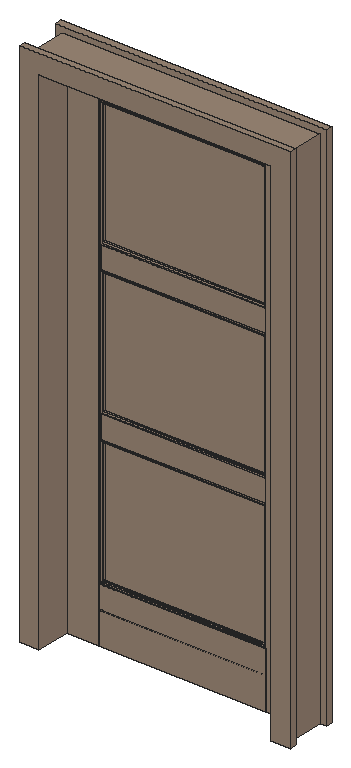
Revit family "Door-Exterior-Simpson-Traditional-Horizontal_Divides", category Doors, host Wall, Revit 2012 (continued)
Types in the file's own list only (216): name | Top Rail Height | Rough Width | Rough Height | Product Documentation Link | Panel Thickness | Panel Stile Width | Number of Horizontal Divides | Model | Height | Function | Description | Wall Closure | Width | Bottom Rail Height
  7230 Traditional 42x80 | 3 15/16" | 36" | 77" | "http://www.simpsondoor.com/door-products/search/detail/?BaseSpecificationID=891" | 3/4" | 4" | 2 | "7230" | 80" | Exterior | "Traditional - Three Panel" | By host | 42" | 8 11/16"
  7230 Traditional 42x84 | 5 15/16" | 36" | 81" | "http://www.simpsondoor.com/door-products/search/detail/?BaseSpecificationID=891" | 3/4" | 4" | 2 | "7230" | 84" | Exterior | "Traditional - Three Panel" | By host | 42" | 10 11/16"
  7230 Traditional 42x96 | 3 15/16" | 36" | 93" | "http://www.simpsondoor.com/door-products/search/detail/?BaseSpecificationID=891" | 3/4" | 4" | 2 | "7230" | 96" | Exterior | "Traditional - Three Panel" | By host | 42" | 8 11/16"
  7255 Traditional 12x80 | 4 1/16" | 6" | 77" | "http://www.simpsondoor.com/door-products/search/detail/?BaseSpecificationID=2913" | 3/4" | 4" | 4 | "7255" | 80" | Exterior | "Traditional - Five Panel" | By host | 12" | 8 13/16"
  7255 Traditional 12x84 | 6 1/16" | 6" | 81" | "http://www.simpsondoor.com/door-products/search/detail/?BaseSpecificationID=2913" | 3/4" | 4" | 4 | "7255" | 84" | Exterior | "Traditional - Five Panel" | By host | 12" | 10 13/16"
  7255 Traditional 12x96 | 4 1/16" | 6" | 93" | "http://www.simpsondoor.com/door-products/search/detail/?BaseSpecificationID=2913" | 3/4" | 4" | 4 | "7255" | 96" | Exterior | "Traditional - Five Panel" | By host | 12" | 8 13/16"
  7255 Traditional 22x80 | 4 1/16" | 16" | 77" | "http://www.simpsondoor.com/door-products/search/detail/?BaseSpecificationID=2913" | 3/4" | 4" | 4 | "7255" | 80" | Exterior | "Traditional - Five Panel" | By host | 22" | 8 13/16"
  7255 Traditional 22x84 | 6 1/16" | 16" | 81" | "http://www.simpsondoor.com/door-products/search/detail/?BaseSpecificationID=2913" | 3/4" | 4" | 4 | "7255" | 84" | Exterior | "Traditional - Five Panel" | By host | 22" | 10 13/16"
  7255 Traditional 22x96 | 4 1/16" | 16" | 93" | "http://www.simpsondoor.com/door-products/search/detail/?BaseSpecificationID=2913" | 3/4" | 4" | 4 | "7255" | 96" | Exterior | "Traditional - Five Panel" | By host | 22" | 8 13/16"
  7255 Traditional 24x80 | 4 1/16" | 18" | 77" | "http://www.simpsondoor.com/door-products/search/detail/?BaseSpecificationID=2913" | 3/4" | 4" | 4 | "7255" | 80" | Exterior | "Traditional - Five Panel" | By host | 24" | 8 13/16"
  7255 Traditional 24x84 | 6 1/16" | 18" | 81" | "http://www.simpsondoor.com/door-products/search/detail/?BaseSpecificationID=2913" | 3/4" | 4" | 4 | "7255" | 84" | Exterior | "Traditional - Five Panel" | By host | 24" | 10 13/16"
  7255 Traditional 24x96 | 4 1/16" | 18" | 93" | "http://www.simpsondoor.com/door-products/search/detail/?BaseSpecificationID=2913" | 3/4" | 4" | 4 | "7255" | 96" | Exterior | "Traditional - Five Panel" | By host | 24" | 8 13/16"
  7255 Traditional 26x80 | 4 1/16" | 20" | 77" | "http://www.simpsondoor.com/door-products/search/detail/?BaseSpecificationID=2913" | 3/4" | 4" | 4 | "7255" | 80" | Exterior | "Traditional - Five Panel" | By host | 26" | 8 13/16"
  7255 Traditional 26x84 | 6 1/16" | 20" | 81" | "http://www.simpsondoor.com/door-products/search/detail/?BaseSpecificationID=2913" | 3/4" | 4" | 4 | "7255" | 84" | Exterior | "Traditional - Five Panel" | By host | 26" | 10 13/16"
  7255 Traditional 26x96 | 4 1/16" | 20" | 93" | "http://www.simpsondoor.com/door-products/search/detail/?BaseSpecificationID=2913" | 3/4" | 4" | 4 | "7255" | 96" | Exterior | "Traditional - Five Panel" | By host | 26" | 8 13/16"
  7255 Traditional 28x80 | 4 1/16" | 22" | 77" | "http://www.simpsondoor.com/door-products/search/detail/?BaseSpecificationID=2913" | 3/4" | 4" | 4 | "7255" | 80" | Exterior | "Traditional - Five Panel" | By host | 28" | 8 13/16"
  7255 Traditional 28x84 | 6 1/16" | 22" | 81" | "http://www.simpsondoor.com/door-products/search/detail/?BaseSpecificationID=2913" | 3/4" | 4" | 4 | "7255" | 84" | Exterior | "Traditional - Five Panel" | By host | 28" | 10 13/16"
  7255 Traditional 28x96 | 4 1/16" | 22" | 93" | "http://www.simpsondoor.com/door-products/search/detail/?BaseSpecificationID=2913" | 3/4" | 4" | 4 | "7255" | 96" | Exterior | "Traditional - Five Panel" | By host | 28" | 8 13/16"
  7255 Traditional 30x80 | 4 1/16" | 24" | 77" | "http://www.simpsondoor.com/door-products/search/detail/?BaseSpecificationID=2913" | 3/4" | 4" | 4 | "7255" | 80" | Exterior | "Traditional - Five Panel" | By host | 30" | 8 13/16"
  7255 Traditional 30x84 | 6 1/16" | 24" | 81" | "http://www.simpsondoor.com/door-products/search/detail/?BaseSpecificationID=2913" | 3/4" | 4" | 4 | "7255" | 84" | Exterior | "Traditional - Five Panel" | By host | 30" | 10 13/16"
  7255 Traditional 30x96 | 4 1/16" | 24" | 93" | "http://www.simpsondoor.com/door-products/search/detail/?BaseSpecificationID=2913" | 3/4" | 4" | 4 | "7255" | 96" | Exterior | "Traditional - Five Panel" | By host | 30" | 8 13/16"
  7255 Traditional 32x80 | 4 1/16" | 26" | 77" | "http://www.simpsondoor.com/door-products/search/detail/?BaseSpecificationID=2913" | 3/4" | 4" | 4 | "7255" | 80" | Exterior | "Traditional - Five Panel" | By host | 32" | 8 13/16"
  7255 Traditional 32x84 | 6 1/16" | 26" | 81" | "http://www.simpsondoor.com/door-products/search/detail/?BaseSpecificationID=2913" | 3/4" | 4" | 4 | "7255" | 84" | Exterior | "Traditional - Five Panel" | By host | 32" | 10 13/16"
  7255 Traditional 32x96 | 4 1/16" | 26" | 93" | "http://www.simpsondoor.com/door-products/search/detail/?BaseSpecificationID=2913" | 3/4" | 4" | 4 | "7255" | 96" | Exterior | "Traditional - Five Panel" | By host | 32" | 8 13/16"
  7255 Traditional 34x80 | 4 1/16" | 28" | 77" | "http://www.simpsondoor.com/door-products/search/detail/?BaseSpecificationID=2913" | 3/4" | 4" | 4 | "7255" | 80" | Exterior | "Traditional - Five Panel" | By host | 34" | 8 13/16"
  7255 Traditional 34x84 | 6 1/16" | 28" | 81" | "http://www.simpsondoor.com/door-products/search/detail/?BaseSpecificationID=2913" | 3/4" | 4" | 4 | "7255" | 84" | Exterior | "Traditional - Five Panel" | By host | 34" | 10 13/16"
  7255 Traditional 34x96 | 4 1/16" | 28" | 93" | "http://www.simpsondoor.com/door-products/search/detail/?BaseSpecificationID=2913" | 3/4" | 4" | 4 | "7255" | 96" | Exterior | "Traditional - Five Panel" | By host | 34" | 8 13/16"
  7255 Traditional 36x80 | 4 1/16" | 30" | 77" | "http://www.simpsondoor.com/door-products/search/detail/?BaseSpecificationID=2913" | 3/4" | 4" | 4 | "7255" | 80" | Exterior | "Traditional - Five Panel" | By host | 36" | 8 13/16"
  7255 Traditional 36x84 | 6 1/16" | 30" | 81" | "http://www.simpsondoor.com/door-products/search/detail/?BaseSpecificationID=2913" | 3/4" | 4" | 4 | "7255" | 84" | Exterior | "Traditional - Five Panel" | By host | 36" | 10 13/16"
  7255 Traditional 36x96 | 4 1/16" | 30" | 93" | "http://www.simpsondoor.com/door-products/search/detail/?BaseSpecificationID=2913" | 3/4" | 4" | 4 | "7255" | 96" | Exterior | "Traditional - Five Panel" | By host | 36" | 8 13/16"
  7255 Traditional 38x80 | 4 1/16" | 32" | 77" | "http://www.simpsondoor.com/door-products/search/detail/?BaseSpecificationID=2913" | 3/4" | 4" | 4 | "7255" | 80" | Exterior | "Traditional - Five Panel" | By host | 38" | 8 13/16"
  7255 Traditional 38x84 | 6 1/16" | 32" | 81" | "http://www.simpsondoor.com/door-products/search/detail/?BaseSpecificationID=2913" | 3/4" | 4" | 4 | "7255" | 84" | Exterior | "Traditional - Five Panel" | By host | 38" | 10 13/16"
  7255 Traditional 38x96 | 4 1/16" | 32" | 93" | "http://www.simpsondoor.com/door-products/search/detail/?BaseSpecificationID=2913" | 3/4" | 4" | 4 | "7255" | 96" | Exterior | "Traditional - Five Panel" | By host | 38" | 8 13/16"
  7255 Traditional 40x80 | 4 1/16" | 34" | 77" | "http://www.simpsondoor.com/door-products/search/detail/?BaseSpecificationID=2913" | 3/4" | 4" | 4 | "7255" | 80" | Exterior | "Traditional - Five Panel" | By host | 40" | 8 13/16"
  7255 Traditional 40x84 | 6 1/16" | 34" | 81" | "http://www.simpsondoor.com/door-products/search/detail/?BaseSpecificationID=2913" | 3/4" | 4" | 4 | "7255" | 84" | Exterior | "Traditional - Five Panel" | By host | 40" | 10 13/16"
  7255 Traditional 40x96 | 4 1/16" | 34" | 93" | "http://www.simpsondoor.com/door-products/search/detail/?BaseSpecificationID=2913" | 3/4" | 4" | 4 | "7255" | 96" | Exterior | "Traditional - Five Panel" | By host | 40" | 8 13/16"
  7255 Traditional 42x80 | 4 1/16" | 36" | 77" | "http://www.simpsondoor.com/door-products/search/detail/?BaseSpecificationID=2913" | 3/4" | 4" | 4 | "7255" | 80" | Exterior | "Traditional - Five Panel" | By host | 42" | 8 13/16"
  7255 Traditional 42x84 | 6 1/16" | 36" | 81" | "http://www.simpsondoor.com/door-products/search/detail/?BaseSpecificationID=2913" | 3/4" | 4" | 4 | "7255" | 84" | Exterior | "Traditional - Five Panel" | By host | 42" | 10 13/16"
  7255 Traditional 42x96 | 4 1/16" | 36" | 93" | "http://www.simpsondoor.com/door-products/search/detail/?BaseSpecificationID=2913" | 3/4" | 4" | 4 | "7255" | 96" | Exterior | "Traditional - Five Panel" | By host | 42" | 8 13/16"
  7284 Traditional 12x80 | 3 15/16" | 6" | 77" | "http://www.simpsondoor.com/door-products/search/detail/?BaseSpecificationID=2347" | 3/4" | 4" | 3 | "7284" | 80" | Exterior | "Traditional - Four Panel" | By host | 12" | 8 11/16"
  7284 Traditional 12x84 | 5 15/16" | 6" | 81" | "http://www.simpsondoor.com/door-products/search/detail/?BaseSpecificationID=2347" | 3/4" | 4" | 3 | "7284" | 84" | Exterior | "Traditional - Four Panel" | By host | 12" | 10 11/16"
  7284 Traditional 12x96 | 3 15/16" | 6" | 93" | "http://www.simpsondoor.com/door-products/search/detail/?BaseSpecificationID=2347" | 3/4" | 4" | 3 | "7284" | 96" | Exterior | "Traditional - Four Panel" | By host | 12" | 8 11/16"
  7284 Traditional 22x80 | 3 15/16" | 16" | 77" | "http://www.simpsondoor.com/door-products/search/detail/?BaseSpecificationID=2347" | 3/4" | 4" | 3 | "7284" | 80" | Exterior | "Traditional - Four Panel" | By host | 22" | 8 11/16"
  7284 Traditional 22x84 | 5 15/16" | 16" | 81" | "http://www.simpsondoor.com/door-products/search/detail/?BaseSpecificationID=2347" | 3/4" | 4" | 3 | "7284" | 84" | Exterior | "Traditional - Four Panel" | By host | 22" | 10 11/16"
  7284 Traditional 22x96 | 3 15/16" | 16" | 93" | "http://www.simpsondoor.com/door-products/search/detail/?BaseSpecificationID=2347" | 3/4" | 4" | 3 | "7284" | 96" | Exterior | "Traditional - Four Panel" | By host | 22" | 8 11/16"
  7284 Traditional 24x80 | 3 15/16" | 18" | 77" | "http://www.simpsondoor.com/door-products/search/detail/?BaseSpecificationID=2347" | 3/4" | 4" | 3 | "7284" | 80" | Exterior | "Traditional - Four Panel" | By host | 24" | 8 11/16"
  7284 Traditional 24x84 | 5 15/16" | 18" | 81" | "http://www.simpsondoor.com/door-products/search/detail/?BaseSpecificationID=2347" | 3/4" | 4" | 3 | "7284" | 84" | Exterior | "Traditional - Four Panel" | By host | 24" | 10 11/16"
  7284 Traditional 24x96 | 3 15/16" | 18" | 93" | "http://www.simpsondoor.com/door-products/search/detail/?BaseSpecificationID=2347" | 3/4" | 4" | 3 | "7284" | 96" | Exterior | "Traditional - Four Panel" | By host | 24" | 8 11/16"
  7284 Traditional 26x80 | 3 15/16" | 20" | 77" | "http://www.simpsondoor.com/door-products/search/detail/?BaseSpecificationID=2347" | 3/4" | 4" | 3 | "7284" | 80" | Exterior | "Traditional - Four Panel" | By host | 26" | 8 11/16"
  7284 Traditional 26x84 | 5 15/16" | 20" | 81" | "http://www.simpsondoor.com/door-products/search/detail/?BaseSpecificationID=2347" | 3/4" | 4" | 3 | "7284" | 84" | Exterior | "Traditional - Four Panel" | By host | 26" | 10 11/16"
  7284 Traditional 26x96 | 3 15/16" | 20" | 93" | "http://www.simpsondoor.com/door-products/search/detail/?BaseSpecificationID=2347" | 3/4" | 4" | 3 | "7284" | 96" | Exterior | "Traditional - Four Panel" | By host | 26" | 8 11/16"
  7284 Traditional 28x80 | 3 15/16" | 22" | 77" | "http://www.simpsondoor.com/door-products/search/detail/?BaseSpecificationID=2347" | 3/4" | 4" | 3 | "7284" | 80" | Exterior | "Traditional - Four Panel" | By host | 28" | 8 11/16"
  7284 Traditional 28x84 | 5 15/16" | 22" | 81" | "http://www.simpsondoor.com/door-products/search/detail/?BaseSpecificationID=2347" | 3/4" | 4" | 3 | "7284" | 84" | Exterior | "Traditional - Four Panel" | By host | 28" | 10 11/16"
  7284 Traditional 28x96 | 3 15/16" | 22" | 93" | "http://www.simpsondoor.com/door-products/search/detail/?BaseSpecificationID=2347" | 3/4" | 4" | 3 | "7284" | 96" | Exterior | "Traditional - Four Panel" | By host | 28" | 8 11/16"
  7284 Traditional 30x80 | 3 15/16" | 24" | 77" | "http://www.simpsondoor.com/door-products/search/detail/?BaseSpecificationID=2347" | 3/4" | 4" | 3 | "7284" | 80" | Exterior | "Traditional - Four Panel" | By host | 30" | 8 11/16"
  7284 Traditional 30x84 | 5 15/16" | 24" | 81" | "http://www.simpsondoor.com/door-products/search/detail/?BaseSpecificationID=2347" | 3/4" | 4" | 3 | "7284" | 84" | Exterior | "Traditional - Four Panel" | By host | 30" | 10 11/16"
  7284 Traditional 30x96 | 3 15/16" | 24" | 93" | "http://www.simpsondoor.com/door-products/search/detail/?BaseSpecificationID=2347" | 3/4" | 4" | 3 | "7284" | 96" | Exterior | "Traditional - Four Panel" | By host | 30" | 8 11/16"
  7284 Traditional 32x80 | 3 15/16" | 26" | 77" | "http://www.simpsondoor.com/door-products/search/detail/?BaseSpecificationID=2347" | 3/4" | 4" | 3 | "7284" | 80" | Exterior | "Traditional - Four Panel" | By host | 32" | 8 11/16"
  7284 Traditional 32x84 | 5 15/16" | 26" | 81" | "http://www.simpsondoor.com/door-products/search/detail/?BaseSpecificationID=2347" | 3/4" | 4" | 3 | "7284" | 84" | Exterior | "Traditional - Four Panel" | By host | 32" | 10 11/16"
  7284 Traditional 32x96 | 3 15/16" | 26" | 93" | "http://www.simpsondoor.com/door-products/search/detail/?BaseSpecificationID=2347" | 3/4" | 4" | 3 | "7284" | 96" | Exterior | "Traditional - Four Panel" | By host | 32" | 8 11/16"
  7284 Traditional 34x80 | 3 15/16" | 28" | 77" | "http://www.simpsondoor.com/door-products/search/detail/?BaseSpecificationID=2347" | 3/4" | 4" | 3 | "7284" | 80" | Exterior | "Traditional - Four Panel" | By host | 34" | 8 11/16"
  7284 Traditional 34x84 | 5 15/16" | 28" | 81" | "http://www.simpsondoor.com/door-products/search/detail/?BaseSpecificationID=2347" | 3/4" | 4" | 3 | "7284" | 84" | Exterior | "Traditional - Four Panel" | By host | 34" | 10 11/16"
  7284 Traditional 34x96 | 3 15/16" | 28" | 93" | "http://www.simpsondoor.com/door-products/search/detail/?BaseSpecificationID=2347" | 3/4" | 4" | 3 | "7284" | 96" | Exterior | "Traditional - Four Panel" | By host | 34" | 8 11/16"
  7284 Traditional 36x80 | 3 15/16" | 30" | 77" | "http://www.simpsondoor.com/door-products/search/detail/?BaseSpecificationID=2347" | 3/4" | 4" | 3 | "7284" | 80" | Exterior | "Traditional - Four Panel" | By host | 36" | 8 11/16"
  7284 Traditional 36x84 | 5 15/16" | 30" | 81" | "http://www.simpsondoor.com/door-products/search/detail/?BaseSpecificationID=2347" | 3/4" | 4" | 3 | "7284" | 84" | Exterior | "Traditional - Four Panel" | By host | 36" | 10 11/16"
  7284 Traditional 36x96 | 3 15/16" | 30" | 93" | "http://www.simpsondoor.com/door-products/search/detail/?BaseSpecificationID=2347" | 3/4" | 4" | 3 | "7284" | 96" | Exterior | "Traditional - Four Panel" | By host | 36" | 8 11/16"
  7284 Traditional 38x80 | 3 15/16" | 32" | 77" | "http://www.simpsondoor.com/door-products/search/detail/?BaseSpecificationID=2347" | 3/4" | 4" | 3 | "7284" | 80" | Exterior | "Traditional - Four Panel" | By host | 38" | 8 11/16"
  7284 Traditional 38x84 | 5 15/16" | 32" | 81" | "http://www.simpsondoor.com/door-products/search/detail/?BaseSpecificationID=2347" | 3/4" | 4" | 3 | "7284" | 84" | Exterior | "Traditional - Four Panel" | By host | 38" | 10 11/16"
  7284 Traditional 38x96 | 3 15/16" | 32" | 93" | "http://www.simpsondoor.com/door-products/search/detail/?BaseSpecificationID=2347" | 3/4" | 4" | 3 | "7284" | 96" | Exterior | "Traditional - Four Panel" | By host | 38" | 8 11/16"
  7284 Traditional 40x80 | 3 15/16" | 34" | 77" | "http://www.simpsondoor.com/door-products/search/detail/?BaseSpecificationID=2347" | 3/4" | 4" | 3 | "7284" | 80" | Exterior | "Traditional - Four Panel" | By host | 40" | 8 11/16"
  7284 Traditional 40x84 | 5 15/16" | 34" | 81" | "http://www.simpsondoor.com/door-products/search/detail/?BaseSpecificationID=2347" | 3/4" | 4" | 3 | "7284" | 84" | Exterior | "Traditional - Four Panel" | By host | 40" | 10 11/16"
  7284 Traditional 40x96 | 3 15/16" | 34" | 93" | "http://www.simpsondoor.com/door-products/search/detail/?BaseSpecificationID=2347" | 3/4" | 4" | 3 | "7284" | 96" | Exterior | "Traditional - Four Panel" | By host | 40" | 8 11/16"
  7284 Traditional 42x80 | 3 15/16" | 36" | 77" | "http://www.simpsondoor.com/door-products/search/detail/?BaseSpecificationID=2347" | 3/4" | 4" | 3 | "7284" | 80" | Exterior | "Traditional - Four Panel" | By host | 42" | 8 11/16"
  7284 Traditional 42x84 | 5 15/16" | 36" | 81" | "http://www.simpsondoor.com/door-products/search/detail/?BaseSpecificationID=2347" | 3/4" | 4" | 3 | "7284" | 84" | Exterior | "Traditional - Four Panel" | By host | 42" | 10 11/16"
  7284 Traditional 42x96 | 3 15/16" | 36" | 93" | "http://www.simpsondoor.com/door-products/search/detail/?BaseSpecificationID=2347" | 3/4" | 4" | 3 | "7284" | 96" | Exterior | "Traditional - Four Panel" | By host | 42" | 8 11/16"
